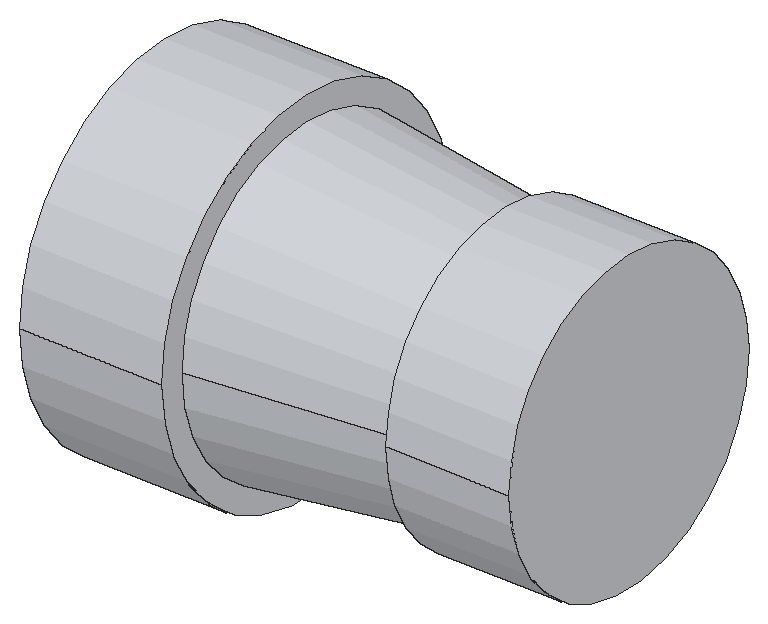
Revit family "M_Conexão de redução concêntrica - Rosqueado - MI - Classe 300", category Conexões de tubo, Revit 2019
Family settings
  Cota do conector redondo = Usar raio
  Tipo de parte = Transição
  Número OmniClass = 23.60.30.11.14
  Título OmniClass = Pipework Fittings
  ID de item do Seek = Coupling Concentric Reducing - Threaded - MI - Class 300-0000-CAN-ENU
  Com base no plano de trabalho = Não
  Sempre na vertical = Sim
  Corte com vazios quando carregada = Não
  Compartilhado = Não
Parameters (values of type "Padrão")
  Visibilidade 3 [instance] = Raio nominal 1 = Raio nominal 2  # no
  Visibilidade 2 [instance] = Raio nominal 1 < Raio nominal 2  # no
  Visibilidade 1 [instance] = Raio nominal 1 > Raio nominal 2  # yes
  Tamanho da marca de cota 2 [instance] = Diâmetro externo da conexão 2 * 0.4  # 8.36 mm
  Tamanho da marca de cota 1 [instance] = Diâmetro externo da conexão 1 * 0.4  # 9.88 mm
  Raio nominal 2 [instance] = 4 mm
  Diâmetro nominal 2 [instance] = Raio nominal 2 * 2  # 8 mm
  Espessura do Metal 2 [instance] = size_lookup(Nome da tabela de pesquisa, "MThk", 0.07 * Diâmetro nominal 2 + 3.175 mm, Diâmetro nominal 2)  # 3.6 mm
  Diâmetro nominal máximo 12 [instance] = if(Raio nominal 1 > Raio nominal 2, Diâmetro nominal 1, Diâmetro nominal 2)  # 10 mm
  Método de perda = Coeficiente K da tabela
  Nome da tabela de pesquisa = "M_Coupling Concentric Reducing - Threaded - MI - Class 300"
  Comprimento [instance] = size_lookup(Nome da tabela de pesquisa, "Lgt", 1 * Diâmetro nominal máximo 12 + 27.484 mm, Diâmetro nominal 1, Diâmetro nominal 2)  # 36.6 mm
  Raio nominal 1 [instance] = 5 mm
  Diâmetro nominal 1 [instance] = Raio nominal 1 * 2  # 10 mm
  Espessura do Metal 1 [instance] = size_lookup(Nome da tabela de pesquisa, "MThk", 0.07 * Diâmetro nominal 1 + 3.175 mm, Diâmetro nominal 1)  # 3.8 mm
  Tabela de coeficiente K = "Transição de contração/alargamento"
  Raio externo da conexão 2 [instance] = Diâmetro externo da conexão 2 / 2  # 10.45 mm
  Raio externo da conexão 1 [instance] = Diâmetro externo da conexão 1 / 2  # 12.35 mm
  Diâmetro externo da conexão 2 [instance] = Diâmetro interno da conexão 2 + Espessura do Metal 2 * 2  # 20.9 mm
  Diâmetro externo da conexão 1 [instance] = Diâmetro interno da conexão 1 + Espessura do Metal 1 * 2  # 24.7 mm
  Diâmetro interno da conexão 2 [instance] = size_lookup(Nome da tabela de pesquisa, "FID", 1.03 * Diâmetro nominal 2 + 7.342 mm, Diâmetro nominal 2)  # 13.7 mm
  Diâmetro interno da conexão 1 [instance] = size_lookup(Nome da tabela de pesquisa, "FID", 1.03 * Diâmetro nominal 1 + 7.342 mm, Diâmetro nominal 1)  # 17.1 mm
  Largura da fita 2 [instance] = size_lookup(Nome da tabela de pesquisa, "BWid", 0.2 * Diâmetro nominal 2 + 10.616 mm, Diâmetro nominal 2)  # 9.7 mm
  Largura da fita 1 [instance] = size_lookup(Nome da tabela de pesquisa, "BWid", 0.2 * Diâmetro nominal 1 + 10.616 mm, Diâmetro nominal 1)  # 11.2 mm
  Raio externo da fita 2 [instance] = Diâmetro externo da fita 2 / 2  # 11.8 mm
  Raio externo da fita 1 [instance] = Diâmetro externo da fita 1 / 2  # 14.25 mm
  Diâmetro externo da fita 2 [instance] = size_lookup(Nome da tabela de pesquisa, "BOD", 1.27 * Diâmetro nominal 2 + 17.462 mm, Diâmetro nominal 2)  # 23.6 mm
  Diâmetro externo da fita 1 [instance] = size_lookup(Nome da tabela de pesquisa, "BOD", 1.27 * Diâmetro nominal 1 + 17.462 mm, Diâmetro nominal 1)  # 28.5 mm
  Largura do isolamento por fita 2 [instance] = if(Largura da fita 2 > Comprimento, Comprimento, Largura da fita 2)  # 9.7 mm
  Largura do isolamento por fita 1 [instance] = if(Largura da fita 1 > Comprimento, Comprimento, Largura da fita 1)  # 11.2 mm
Reference planes
  plane 1 "Centro (Frente/Trás)": y = 0
  plane 2: z = 0
  plane 3 "Centro (Esquerda/Direita)": x = 0
  plane 4: x = 11.2
  plane 5: x = 26.9
  plane 6: x = 36.6
  plane 7: x = 11.2
  plane 8: x = 26.9
Forms (mm)
  Extrusion 1, solid, detail levels fine
    sketch origin (0, 0, 0) x (0, 1, 0) y (0, 0, 1)
      loop
        circle (0, 0) r 14.25
    from 0 to 11.2
  Extrusion 2, solid, detail levels fine
    sketch origin (0, 0, 0) x (0, 1, 0) y (0, 0, 1)
      loop
        circle (0, 0) r 11.8
    from 26.9 to 36.6
  Blend 3, solid, detail levels fine
    base sketch origin (0, 0, 0) x (0, 1, 0) y (0, 0, 1)
      loop
        circle (0, 0) r 12.35
    top sketch origin (0, 0, 0) x (0, 1, 0) y (0, 0, 1)
      loop
        circle (0, 0) r 10.45
    from 11.2 to 26.9
Cuts and joins
  joined: Extrusion 1, Extrusion 2, Blend 3
Lines and regions (mm)
  model lines, visible <- "Visibilidade 3", detail levels coarse+medium
    curve 1: line (36.6, 0, 0) -> (0, 0, 0)
  model lines, detail levels coarse+medium
    curve 2: line (0, 9.88, 0) -> (0, -9.88, 0)
    curve 3: line (36.6, 8.36, 0) -> (36.6, -8.36, 0)
  model lines, visible <- "Visibilidade 1", detail levels coarse+medium
    curve 4: line (0, 9.88, 0) -> (36.6, 0, 0)
    curve 5: line (0, -9.88, 0) -> (36.6, 0, 0)
  model lines, visible <- "Visibilidade 2", detail levels coarse+medium
    curve 6: line (0, 0, 0) -> (36.6, 8.36, 0)
    curve 7: line (0, 0, 0) -> (36.6, -8.36, 0)
Dimensions and locks
  equal spacing: curve 2, plane 1 "Centro (Frente/Trás)", curve 2
  equal spacing: curve 3, plane 1 "Centro (Frente/Trás)", curve 3
  "Tamanho da marca de cota 1": plane 1 "Centro (Frente/Trás)" to curve 2
  "Tamanho da marca de cota 2": plane 1 "Centro (Frente/Trás)" to curve 3
  "Largura da fita 2": plane 5 to plane 6
  "Comprimento": plane 3 "Centro (Esquerda/Direita)" to plane 6
  "Largura da fita 1": plane 3 "Centro (Esquerda/Direita)" to plane 4
  "Largura do isolamento por fita 1": plane 3 "Centro (Esquerda/Direita)" to plane 7
  "Largura do isolamento por fita 2": plane 8 to plane 6
  "Raio externo da fita 1": radius of Extrusion 1 sketch curve
  "Raio externo da fita 2": radius of Extrusion 2 sketch curve
  "Raio externo da conexão 1": radius of Blend 3 sketch curve
  "Raio externo da conexão 2": radius of Blend 3 sketch curve
  aligned and locked: plane 2 to Extrusion 1 sketch curve
  aligned and locked: plane 1 "Centro (Frente/Trás)" to Extrusion 1 sketch curve
  aligned and locked: plane 1 "Centro (Frente/Trás)" to Extrusion 2 sketch curve
  aligned and locked: plane 2 to Extrusion 2 sketch curve
  aligned and locked: curve 1 to plane 1 "Centro (Frente/Trás)"
  aligned and locked: plane 1 "Centro (Frente/Trás)" to Blend 3 sketch curve  (x2)
  aligned and locked: plane 2 to Blend 3 sketch curve  (x2)
  aligned and locked: cut or joined group of Extrusion 1, Extrusion 2, Blend 3 to plane 6
  aligned and locked: plane 5 to cut or joined group of Extrusion 1, Extrusion 2, Blend 3
  aligned and locked: cut or joined group of Extrusion 1, Extrusion 2, Blend 3 to plane 5
  aligned and locked: plane 4 to cut or joined group of Extrusion 1, Extrusion 2, Blend 3
  aligned and locked: Extrusion 1 to plane 4
  aligned and locked: Extrusion 1 to plane 3 "Centro (Esquerda/Direita)"
  aligned and locked: curve 2 to plane 3 "Centro (Esquerda/Direita)"
  aligned and locked: plane 6 to curve 3
Connectors
  piping at (0, 0, 0), diameter 10, driven by "Raio nominal 1"
    settings: on Extrusion 1, index 1, connector inside diameter 10 mm, connector length 0 mm, flow factor 0, pipe flow 0.0 L/s, pressure drop 0.0 Pa, fitting loss kfactor 0, connector angle 0.00°, fixture units 0, engagement length 0 mm, angle of deflection 0.00°, flow configuration 0, flow direction 0, fitting loss method 0, system type 28, joint type 0, gender type 0, connector reference index 2, connector utility 0, adjustable connector no, is connector primary yes, connector description ""
  piping at (36.6, 0, 0), diameter 8, driven by "Raio nominal 2"
    settings: on Extrusion 2, index 2, connector inside diameter 8 mm, connector length 0 mm, flow factor 0, pipe flow 0.0 L/s, pressure drop 0.0 Pa, fitting loss kfactor 0, connector angle 0.00°, fixture units 0, engagement length 0 mm, angle of deflection 0.00°, flow configuration 0, flow direction 0, fitting loss method 0, system type 28, joint type 0, gender type 0, connector reference index 1, connector utility 0, adjustable connector no, is connector primary no, connector description ""
